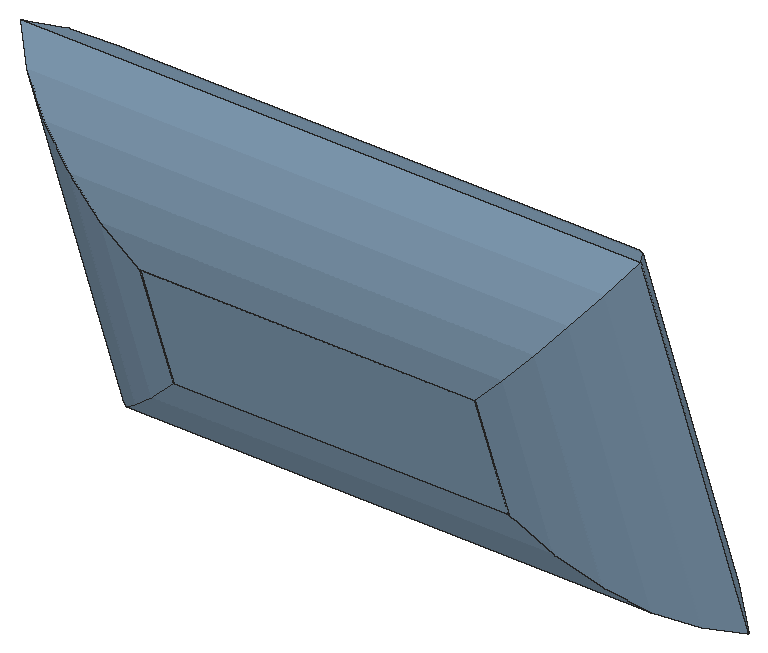
Revit family "Haworth_Openest_Accessories_Pillows", category Furniture, Revit 2018
Family settings
  OmniClass Number = 23.40.20.00
  OmniClass Title = General Furniture and Specialties
  Work Plane-Based = No
  Always vertical = Yes
  Cut with Voids When Loaded = No
  Shared = No
  Room Calculation Point = No
Parameters (values of type "Pillow - Rectangle")
  WidthCore = Width - 2 * 0' 5 17/32"  # 1' - 0 15/16"
  Width = if(Square, 1' 6", 2' 0")  # 2' - 0"
  Warranty = "http://www.haworth.com/resources/product-info/warranties"
  Version = "2"  # constant formula
  URL - Product = "https://www.haworth.com/na/en/products/booths/openest-corner-booth.html"
  URL = "http://www.haworth.com/"
  Sustainability Info = "https://www.haworth.com/na/en/expertise/sustainability.html"
  Square = no
  Size = "Verify Final Dim. w/ Haworth"  # constant formula
  Rectangular = not(Square)  # yes
  Pillow Finish [instance] = Haworth _ Fabric _ King _ Medium Blue LH-MB
  Model = "HOUP"  # constant formula
  Manufacturer = "Haworth"  # constant formula
  HeightCore = Height - 2 * 0' 5 17/32"  # 0' - 4 15/16"
  Height = if(Square, 1' 6", 1' 4")  # 1' - 4"
  Description = "Haworth - Openest - Accessories - Pillows"  # constant formula
  Author = "SHAPE Environments, LLC"  # constant formula
  Assembly Code = "E2020200"
Types (3): name | WidthCore | Width | Square | Rectangular | HeightCore | Height
  (no name) | 1' - 0 15/16" | 2' - 0" | no | yes | 0' - 4 15/16" | 1' - 4"
  Pillow - Square | 0' - 6 15/16" | 1' - 6" | yes | no | 0' - 6 15/16" | 1' - 6"
  Pillow - Rectangle | 1' - 0 15/16" | 2' - 0" | no | yes | 0' - 4 15/16" | 1' - 4"
Reference planes (in)
  plane 1 "Center Front/Back": y = 0
  plane 2: z = 0
  plane 3 "Center Left/Right": x = 0
  plane 4: through (-8.71875, -173.65968, -48.73742) normal (0, -0.3256, 0.9455)
  plane 5: through (-8.71875, -172.05218, -53.40592) normal (0, -0.3256, 0.9455)
  plane 6: x = -6.46875
  plane 7: x = 6.46875
  plane 8: x = 0
Forms (in)
  Extrusion 1, solid, material "Haworth _ Fabric _ King _ Medium Blue LH-MB" <- "Pillow Finish"
    sketch origin (-3, 5.89044, -17.3092) x (1, 0, 0) y (0, -0.325568, 0.945519)
      loop
        line (-3.46875, 28.73983) -> (-3.46875, 23.80233) -> (9.46875, 23.80233) -> (9.46875, 28.73983) -> (-3.46875, 28.73983)
    from -3 to 3
  Sweep 2, solid, material "Haworth _ Fabric _ King _ Medium Blue LH-MB" <- "Pillow Finish"
    path in 3D
      loop
        line (-6.46875, -6.30289, 8.88814) -> (-6.46875, -4.6954, 4.21964) -> (6.46875, -4.6954, 4.21964) -> (6.46875, -6.30289, 8.88814) -> (-6.46875, -6.30289, 8.88814)
    profile origin (0, -6.30289, 8.88814) x (0, -0.945519, -0.325568) y (0, -0.325568, 0.945519)
      loop
        line (-6, 0) -> (0, 0)
        arc (0, 0) -> (-0.85828, 3.134) -> (-3.0658, 5.51842) r 6.84077
        arc (-3.0658, 5.51842) -> (-5.14908, 3.08684) -> (-6, 0) r 7.34567
Lines and regions (in)
  Masking region 1, detail levels fine
    outline origin (0, 0, 0) x (1, 0, 0) y (0, 1, 0)
      loop
        line (-11.98717, -0.05815) -> (-11.98717, -5.13343)
        arc (-11.98717, -5.13343) -> (-0.02147, -6.47116) -> (11.98717, -5.59929) r 65.59546
        line (11.98717, -5.59929) -> (11.98717, 0.35646)
        arc (11.98717, 0.35646) -> (-0.01694, 1.12874) -> (-11.98717, -0.05815) r 73.8439
  sketch lines
    curve 1: line (6.46875, -6.30289, 8.88814) -> (-6.46875, -6.30289, 8.88814)
    curve 2: line (6.46875, -4.6954, 4.21964) -> (6.46875, -6.30289, 8.88814)
    curve 3: line (-6.46875, -4.6954, 4.21964) -> (6.46875, -4.6954, 4.21964)
    curve 4: line (-6.46875, -6.30289, 8.88814) -> (-6.46875, -4.6954, 4.21964)
Dimensions and locks (in)
  "HeightCore": plane 4 to plane 5
  plane 6 to plane 7 = 1' - 0 15/16"
  "WidthCore": plane 6 to plane 7
  equal spacing: plane 7, plane 8, plane 6
  aligned and locked: level to plane 2
  aligned and locked: Masking region 1 to Sweep 2  (x2)
Automatic sketch dimensions
  Sweep 2 sketch curve to profile plane = 0' - 0"  (x2)
  profile plane to Sweep 2 sketch curve = 0' - 6"
  Sweep 2 sketch curve to profile plane = 0' - 0.18818"
  Sweep 2 sketch curve to Sweep 2 sketch curve = 0' - 0.83818"
  Sweep 2 sketch curve to profile plane = 0' - 0.36174"
  Sweep 2 sketch curve to profile plane = 0' - 1.33676"
  plane 1 "Center Front/Back" to Masking region 1 sketch curve = 0' - 0.05815"
  plane 3 "Center Left/Right" to Masking region 1 sketch curve = 0' - 1.25292"
  plane 3 "Center Left/Right" to Masking region 1 sketch curve = 0' - 1.25991"
  Masking region 1 sketch curve to plane 1 "Center Front/Back" = 0' - 0.35646"
  plane 1 "Center Front/Back" to Masking region 1 sketch curve = 0' - 5.59929"
  plane 3 "Center Left/Right" to Masking region 1 sketch curve = 0' - 11.98717"
  Masking region 1 sketch curve to Masking region 1 sketch curve = 5' - 7.10483"
  Masking region 1 sketch curve to plane 1 "Center Front/Back" = 4' - 11.11192"
  Extrusion 1 sketch curve to plane 5 = 0' - 0"
  Extrusion 1 sketch curve to plane 6 = 0' - 0"
  Extrusion 1 sketch curve to plane 7 = 0' - 0"
  Extrusion 1 sketch curve to plane 4 = 0' - 0"
